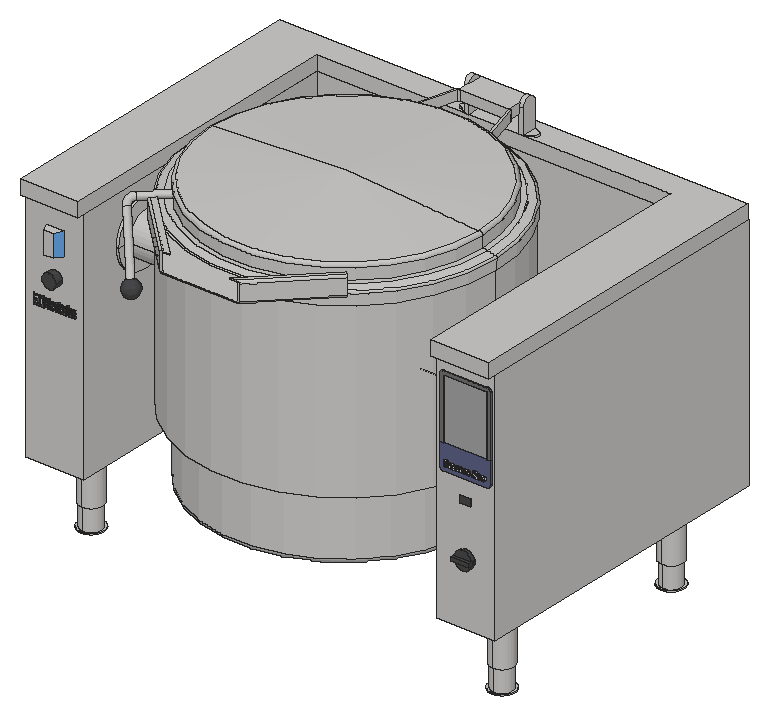
Revit family "QF_ELECTROLUXPROFESSIONAL_587104_PBOT15ECIO", category Attrezzature speciali, Revit 2020
Family settings
  Quota connettore circolare = Usa diametro
  Tipo di parte = Normale
  Basato su piano di lavoro = No
  Sempre verticale = Sì
  Taglio con vuoti quando caricato = No
  Condiviso = No
  Punto di calcolo locali = No
Parameters (values of type "Standard")
  Weight = 260.00 kg
  Watts = 24200 W
  Volts = 440 V
  URL Manufacturer = "https://www.electroluxprofessional.com/"
  URL = "https://www.electroluxprofessional.com/"
  Steam Supply Size = 0 mm
  Steam Supply Minimum Pressure = 0.0 Pa
  Steam Supply Maximum Pressure = 0.0 Pa
  Steam Consumption per Hour = 0
  Refrigeration Suction Line Size = 0.0 mm
  Refrigeration Liquid Line Size = 0.0 mm
  Refrigerant Compressor Remote = yes
  Prospetto di default = 0.0 mm
  Produttore = "Electrolux Professional"
  Phase = 3
  Modello = "PBOT15ECIO"
  Length Actual = 1300.0 mm  # constant formula
  Item Number = "587104"
  Hot Water Size = 12.7 mm
  Height Actual = 700.0 mm  # constant formula
  HP = "32.5 HP"
  Gas Size = 0 mm
  Gas KW = 0
  Gas Input Pressure = 0 W
  Direct Waste Size = 0 mm
  Descrizione = "ELECTRIC BOILING PAN,TILTING,150L,440V,FS,MARINE"
  Depth Actual = 900.0 mm  # constant formula
  Cycle = 50 Hz
  Condensate Return Size = 0 mm
  Compressed Air Volume = 0.0 L/s
  Compressed Air Size = 0 mm
  Compressed Air Pressure = 0.0 Pa
  Cold Water Size = 12.7 mm
  Accessory = yes
Reference planes
  plane 1 "Center (Front/Back)": y = 0
  plane 2: z = 0
  plane 3 "Center (Left/Right)": x = 0
  plane 4 "LEFT": x = -650
  plane 5 "RIGHT": x = 650
  plane 6 "BACK": y = 450
  plane 7 "FRONT": y = -450
  plane 8 "Base": z = 200
  plane 9 "TOP": z = 900
  plane 10: x = -490
  plane 11: x = 490
  plane 12 "Axe_PentolaY": y = -230
  plane 13 "AxePentolaZ": z = 730
  plane 14 "PLANE_TOP": z = 860
  plane 15: y = 380
  plane 16: x = -414.5
  plane 17 "PentolaH1": z = 910
  plane 18 "PentolaH2": z = 430
  plane 19 "Pentola_H3": z = 220
  plane 20: x = -378.5
  plane 21: y = -640
  plane 22 "CentroPentolaY": y = -133
  plane 23 "TopCoperchio": z = 1011
  plane 24 "Versamento": z = 940
  plane 25 "V1": through (-184.414, -566.187, 4000) normal (-0.7071, -0.7071, 0)
  plane 26 "V2": through (96.404, -654.197, 4000) normal (-0.7071, 0.7071, 0)
  plane 27 "Gfront": y = -1450
  plane 28 "LEVEL": through (-363.841, -304.214, 4000) normal (0.7071, 0.7071, 0)
  plane 29 "GRight": x = 250
  plane 30 "GLeft": x = -250
  plane 31: z = 1845
  plane 32 "Ribaltamento": y = -715
  plane 33: x = -570
  plane 34: x = 570
  plane 35 "AttaccoManiglia": z = 970
  plane 36 "GBack": y = -250
Forms (mm)
  Revolve 1, solid, material "QF_Finishes_Stainless Steel"
    sketch origin (0, 0, 730) x (-1, 0, 0) y (0, -1, 0)
      loop
        line (490, 230) -> (-490, 230) -> (-490, 140) -> (-480, 140) -> (-480, 173) -> (480, 173) -> (480, 140) -> (490, 140) -> (490, 230)
      axis (490, 230) -> (-490, 230)
    angle from 0 to 360
  Extrusion 2, solid, material "QF_Finishes_Stainless Steel"
    sketch origin (0, 0, 860) x (-1, 0, 0) y (0, -1, 0)
      loop
        line (650, 450) -> (490, 450) -> (490, -380) -> (-490, -380) -> (-490, 450) -> (-650, 450) -> (-650, -450) -> (650, -450) -> (650, 450)
    from 0 to 40
  Extrusion 3, solid, material "QF_Finishes_Stainless Steel"
    sketch origin (0, 0, 860) x (-1, 0, 0) y (0, -1, 0)
      loop
        line (490, -380) -> (-490, -380) -> (-490, -450) -> (490, -450) -> (490, -380)
    from 0 to -360
  Revolve 4, solid, material "QF_Finishes_Stainless Steel"
    sketch origin (0, -133, 0) x (-1, 0, 0) y (0, 0, 1)
      loop
        line (0, 910) -> (0, 220)
        arc (0, 220) -> (184.45, 226.112) -> (368.088, 244.449) r 2780.07
        arc (368.088, 244.449) -> (375.529, 248.439) -> (378.5, 256.343) r 12
        line (378.5, 256.343) -> (378.5, 430) -> (414.5, 430) -> (414.5, 910) -> (0, 910)
      axis (0, 910) -> (0, 220)
    angle from 0 to 360
  Revolve 5, solid, material "QF_Finishes_Stainless Steel"
    sketch origin (0, -133, 0) x (-1, 0, 0) y (0, 0, 1)
      loop
        line (419.5, 910) -> (419.5, 938.417)
        arc (419.5, 938.417) -> (418.283, 942.04) -> (415.126, 944.193) r 6
        line (415.126, 944.193) -> (394.5, 950) -> (378.5, 950) -> (378.5, 981.04)
        arc (378.5, 981.04) -> (375.943, 987.718) -> (369.58, 990.981) r 10
        arc (369.58, 990.981) -> (185.061, 1005.992) -> (0, 1011) r 3421.506
        line (0, 1011) -> (0, 910) -> (419.5, 910)
      axis (0, 1011) -> (0, 910)
    angle from 0 to 360
  Extrusion 6, solid, material "QF_Finishes_Stainless Steel"
    sketch origin (0, 0, 940) x (-1, 0, 0) y (0, -1, 0)
      loop
        line (102.116, 640) -> (-102.116, 640) -> (-271.533, 470.582) -> (-261.763, 460.812)
        arc (-261.763, 460.812) -> (0, 552.5) -> (261.763, 460.812) r 419.5
        line (261.763, 460.812) -> (271.533, 470.582) -> (102.116, 640)
    from 0 to 3
  Sweep 7, solid, material "QF_Finishes_Stainless Steel"
    path origin (0, 0, 940) x (-1, 0, 0) y (0, -1, 0)
      loop
        line (95.464, 655.137) -> (275.776, 474.825)
    profile origin (-185.62, -564.981, 940) x (-0.707107, -0.707107, 0) y (0, 0, 1)
      loop
        arc (-6, 0) -> (-1.757, 1.757) -> (0, 6) r 6
        line (0, 6) -> (0, 50)
        arc (0, 50) -> (-1.757, 54.243) -> (-6, 56) r 6
        line (-6, 56) -> (-19, 56) -> (-19, 53) -> (-6, 53)
        arc (-6, 53) -> (-3.879, 52.121) -> (-3, 50) r 3
        line (-3, 50) -> (-3, 6)
        arc (-3, 6) -> (-3.879, 3.879) -> (-6, 3) r 3
        line (-6, 3) -> (-19, 3) -> (-19, 0) -> (-6, 0)
  Sweep 8, solid, material "QF_Finishes_Stainless Steel"
    path origin (0, 0, 940) x (-1, 0, 0) y (0, -1, 0)
      loop
        line (-94.349, 656.252) -> (-275.776, 474.825)
    profile origin (185.063, -565.538, 940) x (-0.707107, 0.707107, 0) y (0, 0, 1)
      loop
        arc (0, 6) -> (1.757, 1.757) -> (6, 0) r 6
        line (6, 0) -> (19, 0) -> (19, 3) -> (6, 3)
        arc (6, 3) -> (3.879, 3.879) -> (3, 6) r 3
        line (3, 6) -> (3, 50)
        arc (3, 50) -> (3.879, 52.121) -> (6, 53) r 3
        line (6, 53) -> (19, 53) -> (19, 56) -> (6, 56)
        arc (6, 56) -> (1.757, 54.243) -> (0, 50) r 6
        line (0, 50) -> (0, 6)
  Extrusion 9, solid, material "QF_Finishes_Stainless Steel"
    sketch origin (0, 0, 0) x (0, 1, 0) y (0, 0, 1)
      loop
        line (420, 900) -> (420, 968.813)
        arc (420, 968.813) -> (400, 988.813) -> (380, 968.813) r 20
        line (380, 968.813) -> (380, 900) -> (420, 900)
    from -70 to -82
  Extrusion 10, solid, material "QF_Finishes_Stainless Steel"
    sketch origin (0, 0, 900) x (0, 1, 0) y (-1, 0, 0)
      loop
        arc (341.132, 72.4) -> (343.874, 70.425) -> (344.734, 67.158) r 5
        line (344.734, 67.158) -> (344.734, -67.158)
        arc (344.734, -67.158) -> (343.874, -70.425) -> (341.132, -72.4) r 5
        line (341.132, -72.4) -> (231.01, -103.724) -> (229.26, -109.68) -> (342.51, -77.206)
        arc (342.51, -77.206) -> (346.951, -74.535) -> (349.459, -70) r 10
        line (349.459, -70) -> (420, -70) -> (420, 70) -> (349.459, 70)
        arc (349.459, 70) -> (346.951, 74.535) -> (342.51, 77.206) r 10
        line (342.51, 77.206) -> (229.346, 109.396) -> (231.01, 103.724) -> (341.132, 72.4)
    from 50 to 77.177
  Extrusion 11, solid, material "QF_Finishes_Stainless Steel"
    sketch origin (0, 0, 0) x (0, 1, 0) y (0, 0, 1)
      loop
        line (420, 900) -> (420, 968.813)
        arc (420, 968.813) -> (400, 988.813) -> (380, 968.813) r 20
        line (380, 968.813) -> (380, 900) -> (420, 900)
    from 70 to 82
  Extrusion 12, solid, material "QF_Finishes_Stainless Steel"
    sketch origin (0, 0, 900) x (0, 1, 0) y (-1, 0, 0)
      loop
        arc (391.973, -103.927) -> (400, -108.689) -> (408.027, -103.927) r 9.146
        line (408.027, -103.927) -> (420, -82) -> (380, -82) -> (391.973, -103.927)
      loop
        line (391.973, 103.927) -> (380, 82) -> (420, 82) -> (408.027, 103.927)
        arc (408.027, 103.927) -> (400, 108.689) -> (391.973, 103.927) r 9.146
    from 0 to 3
  Extrusion 13, solid, material "QF_Door-Drawer Clearances", detail levels coarse
    sketch origin (0, 0, 0) x (0, 1, 0) y (0, 0, 1)
      loop
        line (-640, 946) -> (-640, 996)
        arc (-640, 996) -> (-711.263, 644.885) -> (-547.5, 326.229) r 541.018
        line (-547.5, 326.229) -> (-547.5, 910) -> (-552.5, 910) -> (-552.5, 940) -> (-635.757, 940)
        spline (-635.757, 940) -> (-636.311, 940.051) -> (-636.855, 940.204) -> (-637.381, 940.457) -> (-637.879, 940.804) -> (-638.34, 941.24) -> (-638.757, 941.757) -> (-639.123, 942.347) -> (-639.432, 943) -> (-639.677, 943.704) -> (-639.855, 944.447) -> (-639.964, 945.217) -> (-640, 946)
    from -100 to 100
  Extrusion 14, void
    sketch origin (0, 0, 940) x (-1, 0, 0) y (0, -1, 0)
      loop
        line (110.601, 640) -> (110.601, 657.601) -> (-110.601, 657.601) -> (-110.601, 640) -> (110.601, 640)
    from 0 to 71
  Extrusion 15, solid, material "QF_Door-Drawer Clearances", detail levels coarse
    sketch origin (0, 0, 0) x (0, 1, 0) y (0, 0, 1)
      loop
        line (420, 968.813) -> (420, 988.813) -> (369.196, 1192.575)
        arc (369.196, 1192.575) -> (324.911, 1429.101) -> (245, 1656.082) r 1570.008
        line (245, 1656.082) -> (194.38, 1845)
        arc (194.38, 1845) -> (-395.616, 1600.616) -> (-640, 1010.62) r 834.38
        line (-640, 1010.62) -> (-640, 996.062) -> (-400, 996.062)
        arc (-400, 996.062) -> (-132.5, 1011) -> (135, 996.062) r 2402.625
        line (135, 996.062) -> (245, 996.062) -> (245, 954.644) -> (380, 954.644) -> (380, 968.813)
        arc (380, 968.813) -> (400, 988.813) -> (420, 968.813) r 20
    from -100 to 100
Cuts and joins
  Extrusion 14 cuts Extrusion 6
  Extrusion 14 cuts Sweep 7
  Extrusion 14 cuts Sweep 8
  joined: Extrusion 6, Sweep 7, Sweep 8
  Extrusion 14 cuts Extrusion 13
Lines and regions (mm)
  symbolic lines
    curve 1: line (650, 450, 900) -> (-650, 450, 900)
    curve 2: line (650, -450, 900) -> (650, 450, 900)
    curve 3: line (-650, 450, 900) -> (-650, -450, 900)
    curve 4: line (-650, -450, 900) -> (-490, -450, 900)
    curve 5: line (-490, -450, 900) -> (-490, 380, 900)
    curve 6: line (490, 380, 900) -> (490, -450, 900)
    curve 7: line (490, -450, 900) -> (650, -450, 900)
    curve 8: line (-480, -140, 900) -> (-480, -320, 900)
    curve 9: line (-480, -140, 900) -> (-490, -140, 900)
    curve 10: line (-480, -320, 900) -> (-490, -320, 900)
    curve 11: line (480, -140, 900) -> (490, -140, 900)
    curve 12: line (480, -320, 900) -> (490, -320, 900)
    curve 13: line (-70, 349.459, 900) -> (-70, 420, 900)
    curve 14: line (-82, 420, 900) -> (82, 420, 900)
    curve 15: line (70, 420, 900) -> (70, 349.459, 900)
    curve 16: line (-66.757, 345, 900) -> (66.757, 345, 900)
    curve 17: line (-110.601, -640, 900) -> (-275.776, -474.825, 900)
    curve 18: line (-275.776, -474.825, 900) -> (-249.31, -448.359, 900)
    curve 19: line (-262.341, -461.39, 900) -> (-97.166, -626.565, 900)
    curve 20: line (97.166, -626.565, 900) -> (262.341, -461.39, 900)
    curve 21: line (249.31, -448.359, 900) -> (275.776, -474.825, 900)
    curve 22: line (275.776, -474.825, 900) -> (110.601, -640, 900)
    curve 23: line (-103.927, 391.973, 900) -> (-82, 380, 900)
    curve 24: arc (-103.927, 408.027, 900) -> (-108.689, 400, 900) -> (-103.927, 391.973, 900) r 9.146
    curve 25: line (-82, 420, 900) -> (-103.927, 408.027, 900)
    curve 26: line (-82, 420, 900) -> (-82, 380, 900)
    curve 27: line (82, 380, 900) -> (82, 420, 900)
    curve 28: line (103.927, 408.027, 900) -> (82, 420, 900)
    curve 29: arc (103.927, 391.973, 900) -> (108.689, 400, 900) -> (103.927, 408.027, 900) r 9.146
    curve 30: line (82, 380, 900) -> (103.927, 391.973, 900)
    curve 35: line (-490, 380, 900) -> (-70, 380, 900)
    curve 36: line (490, 380, 900) -> (70, 380, 900)
    curve 37: line (-480, -173, 900) -> (-414.188, -173, 900)
    curve 38: line (-480, -287, 900) -> (-389.822, -287, 900)
    curve 39: line (480, -172.761, 900) -> (416.676, -172.761, 900)
    curve 59: line (480, -287, 900) -> (389.209, -287, 900)
    curve 71: line (480, -320, 940) -> (480, -140, 940)
    curve 72: circle (0, -133, 940) r 378.5 normal (0, 0, 1)
    curve 73: circle (0, -133, 940) r 355.51 normal (0, 0, -1)
    curve 74: arc (-296.381, -428.564, 940) -> (302.734, 156.053, 940) -> (-308.944, -415.406, 940) r 418.569
  symbolic lines, style "SpecialityEquipmentHiddenLines"
    curve 31: line (-250, -1450, 900) -> (250, -1450, 900)
    curve 32: line (-250, -250, 900) -> (-250, -1450, 900)
    curve 33: line (250, -1450, 900) -> (250, -250, 900)
    curve 56: line (0, -1315.484, 900) -> (0, -1285.484, 900)
    curve 57: line (-15, -1300.484, 900) -> (15, -1300.484, 900)
    curve 60: arc (-72.4, 341.132, 940) -> (-70.425, 343.874, 940) -> (-67.158, 344.734, 940) r 5
    curve 61: arc (-70, 349.459, 940) -> (-74.535, 346.951, 940) -> (-77.206, 342.51, 940) r 10
    curve 62: arc (77.206, 342.51, 940) -> (74.535, 346.951, 940) -> (70, 349.459, 940) r 10
    curve 63: arc (67.158, 344.734, 940) -> (70.425, 343.874, 940) -> (72.4, 341.132, 940) r 5
    curve 68: line (-97.166, -626.565, 940) -> (-110.601, -640, 940)
    curve 69: line (97.166, -626.565, 940) -> (110.601, -640, 940)
    curve 70: line (250, -250, 940) -> (-250, -250, 940)
  symbolic lines, style "SpecialityEquipment"
    curve 34: circle (0, -1300.484, 900) r 15 normal (0, 0, 1)
    curve 40: line (210, -1450, 900) -> (210, -1250, 900)
    curve 41: line (170, -1450, 900) -> (170, -1290, 900)
    curve 42: line (130, -1450, 900) -> (130, -1330, 900)
    curve 43: line (90, -1450, 900) -> (90, -1370, 900)
    curve 44: line (90, -1410, 900) -> (250, -1410, 900)
    curve 45: line (130, -1370, 900) -> (250, -1370, 900)
    curve 46: line (170, -1330, 900) -> (250, -1330, 900)
    curve 47: line (210, -1290, 900) -> (250, -1290, 900)
    curve 48: line (-210, -1450, 900) -> (-210, -1250, 900)
    curve 49: line (-170, -1450, 900) -> (-170, -1290, 900)
    curve 50: line (-130, -1450, 900) -> (-130, -1330, 900)
    curve 51: line (-90, -1450, 900) -> (-90, -1370, 900)
    curve 52: line (-90, -1410, 900) -> (-250, -1410, 900)
    curve 53: line (-130, -1370, 900) -> (-250, -1370, 900)
    curve 54: line (-170, -1330, 900) -> (-250, -1330, 900)
    curve 55: line (-210, -1290, 900) -> (-250, -1290, 900)
    curve 58: line (-110.601, -640, 900) -> (110.601, -640, 900)
    curve 64: line (72.4, 341.132, 940) -> (103.999, 230.932, 940)
    curve 65: line (109.68, 229.26, 940) -> (77.206, 342.51, 940)
    curve 66: line (-103.724, 231.01, 940) -> (-72.4, 341.132, 940)
    curve 67: line (-77.206, 342.51, 940) -> (-109.68, 229.26, 940)
Dimensions and locks
  plane 4 "LEFT" to plane 5 "RIGHT" = 1300.0 mm
  equal spacing: plane 4 "LEFT", plane 3 "Center (Left/Right)", plane 5 "RIGHT"
  equal spacing: plane 6 "BACK", plane 1 "Center (Front/Back)", plane 7 "FRONT"
  plane 6 "BACK" to plane 7 "FRONT" = 900.0 mm
  plane 8 "Base" to level = 200.0 mm
  plane 9 "TOP" to level = 900.0 mm
  plane 9 "TOP" to plane 8 "Base" = 700.0 mm
  locked: plane 4 "LEFT" to plane 10 at 160
  locked: plane 11 to plane 5 "RIGHT" at 160
  locked: plane 6 "BACK" to plane 12 "Axe_PentolaY" at 680
  locked: plane 13 "AxePentolaZ" to plane 8 "Base" at 530
  locked: Revolve 1 sketch curve to Revolve 1 sketch curve at 57
  locked: Revolve 1 sketch curve to Revolve 1 sketch curve at 90
  locked: plane 10 to Revolve 1 sketch curve at 10
  locked: Revolve 1 sketch curve to plane 11 at 10
  locked: plane 9 "TOP" to plane 14 "PLANE_TOP" at 40
  plane 6 "BACK" to plane 15 = 70.0 mm
  locked: plane 17 "PentolaH1" to plane 13 "AxePentolaZ" at 180
  locked: plane 13 "AxePentolaZ" to plane 18 "PentolaH2" at 300
  locked: plane 18 "PentolaH2" to plane 19 "Pentola_H3" at 210
  locked: plane 3 "Center (Left/Right)" to plane 16 at 414.5
  locked: plane 3 "Center (Left/Right)" to plane 20 at 378.5
  Revolve 5 sketch curve to plane 17 "PentolaH1" = 40.0 mm
  locked: plane 16 to Revolve 5 sketch curve at 5
  plane 6 "BACK" to plane 21 = 1090.0 mm
  locked: plane 6 "BACK" to plane 22 "CentroPentolaY" at 583
  locked: plane 23 "TopCoperchio" to plane 9 "TOP" at 111
  locked: plane 24 "Versamento" to level at 940
  plane 6 "BACK" to plane 27 "Gfront" = 1900.0 mm
  locked: plane 30 "GLeft" to plane 3 "Center (Left/Right)" at 250
  locked: plane 3 "Center (Left/Right)" to plane 29 "GRight" at 250
  plane 31 to plane 9 "TOP" = 945.0 mm
  plane 6 "BACK" to plane 32 "Ribaltamento" = 1165.0 mm
  equal spacing: plane 10, plane 33, plane 4 "LEFT"
  equal spacing: plane 5 "RIGHT", plane 34, plane 11
  locked: plane 35 "AttaccoManiglia" to level at 970
  plane 6 "BACK" to plane 36 "GBack" = 700.0 mm
  aligned and locked: level to plane 2
  aligned and locked: plane 5 "RIGHT" to nested 2
  aligned and locked: plane 4 "LEFT" to nested 1
  aligned and locked: plane 8 "Base" to nested 1
  aligned and locked: plane 8 "Base" to nested 2
  aligned and locked: plane 6 "BACK" to nested 2
  aligned and locked: plane 6 "BACK" to nested 1
  aligned and locked: plane 10 to Revolve 1 sketch curve
  aligned and locked: plane 11 to Revolve 1 sketch curve
  aligned and locked: plane 4 "LEFT" to Extrusion 2 sketch curve
  aligned and locked: Extrusion 2 sketch curve to plane 10
  aligned and locked: plane 7 "FRONT" to Extrusion 2 sketch curve  (x2)
  aligned and locked: Extrusion 2 sketch curve to plane 5 "RIGHT"
  aligned and locked: plane 11 to Extrusion 2 sketch curve
  aligned and locked: Extrusion 2 sketch curve to plane 6 "BACK"
  aligned and locked: plane 15 to Extrusion 2 sketch curve
  aligned and locked: Extrusion 3 sketch curve to plane 10
  aligned and locked: plane 6 "BACK" to Extrusion 3 sketch curve
  aligned and locked: plane 11 to Extrusion 3 sketch curve
  aligned and locked: Extrusion 3 sketch curve to plane 15
  aligned and locked: plane 3 "Center (Left/Right)" to Revolve 4 sketch curve
  aligned and locked: Revolve 4 sketch curve to plane 20
  aligned and locked: Revolve 4 sketch curve to plane 18 "PentolaH2"
  aligned and locked: Revolve 4 sketch curve to plane 16
  aligned and locked: plane 17 "PentolaH1" to Revolve 4 sketch curve
  aligned and locked: Revolve 5 sketch curve to plane 17 "PentolaH1"
  aligned and locked: Extrusion 9 sketch curve to plane 15
  aligned and locked: Extrusion 9 sketch curve to Extrusion 2
  aligned and locked: curve 31 to plane 27 "Gfront"
  aligned and locked: curve 32 to plane 30 "GLeft"
  aligned and locked: plane 29 "GRight" to curve 33
  aligned and locked: plane 33 to nested 3
  aligned and locked: plane 34 to nested 4
  aligned and locked: plane 36 "GBack" to curve 70
Automatic sketch dimensions
  Revolve 4 sketch curve to plane 3 "Center (Left/Right)" = 0.0 mm
  Revolve 4 sketch curve to plane 19 "Pentola_H3" = 0.0 mm
  Revolve 4 sketch curve to plane 3 "Center (Left/Right)" = 0.201 mm
  Revolve 4 sketch curve to Revolve 4 sketch curve = 12.0 mm
  plane 19 "Pentola_H3" to Revolve 4 sketch curve = 36.343 mm
  plane 31 to Revolve 4 sketch curve = 1155.07 mm
  level to Revolve 4 sketch curve = 60.0 mm
  plane 23 "TopCoperchio" to Revolve 4 sketch curve = 179.0 mm
  Extrusion 6 sketch curve to plane 21 = 0.0 mm
  Extrusion 6 sketch curve to plane 3 "Center (Left/Right)" = 0.0 mm
  Extrusion 6 sketch curve to plane 22 "CentroPentolaY" = 0.0 mm
  plane 3 "Center (Left/Right)" to Extrusion 6 sketch curve = 102.116 mm
  plane 29 "GRight" to Extrusion 6 sketch curve = 11.763 mm
  Extrusion 6 sketch curve to Extrusion 6 sketch curve = 9.771 mm  (x2)
  Extrusion 6 sketch curve to plane 3 "Center (Left/Right)" = 102.116 mm
  Extrusion 6 sketch curve to plane 30 "GLeft" = 11.763 mm
  Extrusion 6 sketch curve to plane 7 "FRONT" = 10.812 mm
  plane 25 "V1" to Sweep 7 sketch curve = 0.0 mm
  Sweep 7 sketch curve to plane 25 "V1" = 0.0 mm
  Sweep 7 sketch curve to plane 21 = 15.137 mm
  Sweep 7 sketch curve to plane 7 "FRONT" = 24.825 mm
  Sweep 7 sketch curve to Sweep 7 sketch curve = 0.0 mm  (x4)
  plane 24 "Versamento" to Sweep 7 sketch curve = 0.0 mm
  Sweep 7 sketch curve to profile plane = 0.0 mm
  profile plane to Sweep 7 sketch curve = 3.0 mm
  Sweep 7 sketch curve to Sweep 7 sketch curve = 3.0 mm  (x2)
  Sweep 7 sketch curve to Sweep 7 sketch curve = 13.0 mm  (x2)
  Sweep 7 sketch curve to Sweep 7 sketch curve = 44.0 mm
  Sweep 8 sketch curve to plane 26 "V2" = 0.0 mm  (x2)
  Sweep 8 sketch curve to plane 7 "FRONT" = 24.825 mm
  Sweep 8 sketch curve to plane 21 = 16.252 mm
  Sweep 8 sketch curve to Sweep 8 sketch curve = 0.0 mm  (x4)
  Sweep 8 sketch curve to profile plane = 0.0 mm
  plane 24 "Versamento" to Sweep 8 sketch curve = 0.0 mm
  Sweep 8 sketch curve to Sweep 8 sketch curve = 3.0 mm  (x2)
  Sweep 8 sketch curve to profile plane = 6.0 mm
  Sweep 8 sketch curve to Sweep 8 sketch curve = 13.0 mm  (x2)
  Sweep 8 sketch curve to Sweep 8 sketch curve = 44.0 mm
  Extrusion 9 sketch curve to plane 35 "AttaccoManiglia" = 1.187 mm
  Extrusion 9 sketch curve to Extrusion 9 sketch curve = 20.0 mm
  Extrusion 11 sketch curve to plane 9 "TOP" = 0.0 mm
  Extrusion 11 sketch curve to plane 15 = 0.0 mm
  Extrusion 11 sketch curve to plane 35 "AttaccoManiglia" = 1.187 mm
  Extrusion 11 sketch curve to Extrusion 11 sketch curve = 20.0 mm
  Extrusion 12 sketch curve to plane 15 = 0.0 mm  (x2)
  plane 15 to Extrusion 12 sketch curve = 11.973 mm  (x2)
  Extrusion 12 sketch curve to Extrusion 12 sketch curve = 8.027 mm  (x4)
  Extrusion 12 sketch curve to Extrusion 12 sketch curve = 11.973 mm  (x2)
  plane 3 "Center (Left/Right)" to Extrusion 12 sketch curve = 103.927 mm
  Extrusion 12 sketch curve to Extrusion 12 sketch curve = 4.383 mm  (x2)
  Extrusion 12 sketch curve to Extrusion 12 sketch curve = 21.927 mm
  Extrusion 12 sketch curve to plane 3 "Center (Left/Right)" = 82.0 mm
  Extrusion 12 sketch curve to Extrusion 12 sketch curve = 17.543 mm
  Extrusion 13 sketch curve to plane 21 = 0.0 mm
  Extrusion 13 sketch curve to plane 24 "Versamento" = 0.0 mm
  Extrusion 13 sketch curve to plane 17 "PentolaH1" = 0.0 mm
  plane 21 to Extrusion 13 sketch curve = 4.243 mm
  plane 21 to Extrusion 13 sketch curve = 87.5 mm
  Extrusion 13 sketch curve to Extrusion 13 sketch curve = 5.0 mm
  Extrusion 13 sketch curve to plane 13 "AxePentolaZ" = 11.099 mm
  Extrusion 13 sketch curve to plane 22 "CentroPentolaY" = 42.331 mm
  plane 8 "Base" to Extrusion 13 sketch curve = 126.229 mm
  plane 24 "Versamento" to Extrusion 13 sketch curve = 6.0 mm
  Extrusion 14 sketch curve to plane 21 = 0.0 mm
  Extrusion 14 sketch curve to plane 26 "V2" = 0.0 mm
  plane 25 "V1" to Extrusion 14 sketch curve = 0.0 mm
  Extrusion 14 sketch curve to Extrusion 14 sketch curve = 17.601 mm
  Extrusion 15 sketch curve to plane 21 = 0.0 mm
  Extrusion 15 sketch curve to plane 31 = 0.0 mm
  Extrusion 15 sketch curve to plane 15 = 0.0 mm
  plane 23 "TopCoperchio" to Extrusion 15 sketch curve = 11.753 mm
  plane 27 "Gfront" to Extrusion 15 sketch curve = 258.4 mm
  Extrusion 15 sketch curve to plane 23 "TopCoperchio" = 14.938 mm  (x2)
  plane 7 "FRONT" to Extrusion 15 sketch curve = 50.0 mm
  plane 22 "CentroPentolaY" to Extrusion 15 sketch curve = 0.5 mm
  Extrusion 15 sketch curve to plane 23 "TopCoperchio" = 0.38 mm
  Extrusion 15 sketch curve to Extrusion 15 sketch curve = 50.62 mm
  Extrusion 15 sketch curve to plane 15 = 135.0 mm
  Extrusion 15 sketch curve to plane 15 = 10.804 mm
  Extrusion 15 sketch curve to plane 35 "AttaccoManiglia" = 1.187 mm
  Extrusion 15 sketch curve to Extrusion 15 sketch curve = 20.0 mm
  Extrusion 15 sketch curve to Extrusion 15 sketch curve = 14.168 mm
  Extrusion 15 sketch curve to level = 1391.625 mm
  plane 35 "AttaccoManiglia" to Extrusion 15 sketch curve = 18.813 mm
  plane 23 "TopCoperchio" to Extrusion 15 sketch curve = 181.575 mm
  curve 56 to plane 3 "Center (Left/Right)" = 0.0 mm
  curve 34 to plane 3 "Center (Left/Right)" = 0.0 mm
  curve 58 to plane 21 = 0.0 mm
  curve 18 to plane 25 "V1" = 0.0 mm
  curve 21 to plane 26 "V2" = 0.0 mm
  curve 4 to plane 4 "LEFT" = 0.0 mm
  curve 4 to plane 7 "FRONT" = 0.0 mm
  curve 6 to plane 7 "FRONT" = 0.0 mm
  curve 12 to plane 11 = 0.0 mm
  curve 10 to plane 10 = 0.0 mm
  curve 33 to plane 36 "GBack" = 0.0 mm
  curve 32 to plane 36 "GBack" = 0.0 mm
  curve 26 to plane 15 = 0.0 mm
  curve 27 to plane 15 = 0.0 mm
  curve 2 to plane 5 "RIGHT" = 0.0 mm
  curve 2 to plane 6 "BACK" = 0.0 mm
  curve 22 to plane 26 "V2" = 0.0 mm
  plane 25 "V1" to curve 17 = 0.0 mm
  plane 27 "Gfront" to curve 34 = 149.516 mm
  curve 18 to plane 7 "FRONT" = 24.825 mm
  curve 21 to plane 7 "FRONT" = 24.825 mm
  plane 10 to curve 8 = 10.0 mm
  curve 8 to plane 36 "GBack" = 70.0 mm
  curve 8 to plane 22 "CentroPentolaY" = 7.0 mm
  plane 15 to curve 30 = 11.973 mm
  plane 15 to curve 23 = 11.973 mm
  curve 23 to curve 24 = 8.027 mm
  curve 30 to curve 29 = 8.027 mm
  curve 24 to curve 25 = 8.027 mm
  curve 29 to curve 28 = 8.027 mm
  curve 28 to curve 28 = 11.973 mm
  plane 3 "Center (Left/Right)" to curve 30 = 103.927 mm
  curve 28 to curve 29 = 4.383 mm
  curve 28 to curve 27 = 21.927 mm
  curve 25 to plane 3 "Center (Left/Right)" = 82.0 mm
  curve 14 to curve 24 = 17.543 mm
  curve 24 to curve 25 = 4.383 mm
  curve 31 to curve 44 = 40.0 mm
  curve 31 to curve 52 = 40.0 mm
  curve 44 to curve 45 = 40.0 mm
  curve 52 to curve 53 = 40.0 mm
  curve 43 to curve 45 = 0.0 mm
  curve 53 to curve 51 = 0.0 mm
  curve 45 to curve 46 = 40.0 mm
  curve 53 to curve 54 = 40.0 mm
  curve 42 to curve 46 = 0.0 mm
  curve 54 to curve 50 = 0.0 mm
  curve 56 to curve 34 = 15.0 mm
  curve 34 to curve 57 = 0.0 mm
  curve 54 to curve 55 = 40.0 mm
  curve 46 to curve 47 = 40.0 mm
  curve 41 to curve 47 = 0.0 mm
  curve 55 to curve 49 = 0.0 mm
  curve 47 to curve 40 = 40.0 mm
  curve 55 to curve 48 = 40.0 mm
  plane 21 to curve 20 = 13.435 mm
  plane 21 to curve 19 = 13.435 mm
  curve 20 to plane 7 "FRONT" = 11.39 mm
  curve 19 to plane 7 "FRONT" = 11.39 mm
  plane 30 "GLeft" to curve 18 = 0.69 mm
  curve 21 to plane 29 "GRight" = 0.69 mm
  curve 12 to plane 36 "GBack" = 70.0 mm
  curve 59 to plane 11 = 10.0 mm
  curve 12 to curve 59 = 33.0 mm
  curve 38 to plane 20 = 11.322 mm
  curve 38 to plane 36 "GBack" = 37.0 mm
  curve 39 to plane 11 = 10.0 mm
  curve 39 to plane 22 "CentroPentolaY" = 39.761 mm
  plane 16 to curve 37 = 0.312 mm
  curve 37 to plane 22 "CentroPentolaY" = 40.0 mm
  curve 11 to plane 22 "CentroPentolaY" = 7.0 mm
  curve 16 to plane 15 = 35.0 mm
  curve 16 to curve 13 = 4.459 mm
  curve 16 to curve 15 = 4.459 mm
  curve 11 to plane 11 = 10.0 mm
  curve 12 to plane 11 = 10.0 mm
  curve 39 to curve 39 = 63.324 mm
  curve 59 to curve 59 = 90.791 mm
  curve 40 to plane 29 "GRight" = 40.0 mm
  curve 47 to curve 41 = 40.0 mm
  curve 41 to curve 42 = 40.0 mm
  curve 42 to curve 43 = 40.0 mm
  curve 14 to curve 15 = 12.0 mm
  curve 15 to curve 16 = 3.243 mm
  curve 16 to curve 23 = 15.243 mm
  curve 13 to curve 14 = 12.0 mm
  curve 51 to plane 3 "Center (Left/Right)" = 90.0 mm
  curve 51 to curve 53 = 40.0 mm
  curve 50 to curve 49 = 40.0 mm
  curve 49 to curve 48 = 40.0 mm
  plane 12 "Axe_PentolaY" to Revolve 1 sketch curve = 0.0 mm
  Revolve 1 sketch curve to plane 12 "Axe_PentolaY" = 0.0 mm
  plane 5 "RIGHT" to Revolve 1 sketch curve = 432.098 mm
  Revolve 1 sketch curve to plane 4 "LEFT" = 580.148 mm
  Revolve 1 sketch curve to plane 22 "CentroPentolaY" = 7.0 mm
  Revolve 5 sketch curve to plane 3 "Center (Left/Right)" = 0.0 mm  (x2)
  plane 20 to Revolve 5 sketch curve = 0.0 mm
  Revolve 5 sketch curve to plane 23 "TopCoperchio" = 0.0 mm
  plane 35 "AttaccoManiglia" to Revolve 5 sketch curve = 11.04 mm
  Revolve 5 sketch curve to Revolve 5 sketch curve = 10.0 mm
  Revolve 5 sketch curve to plane 20 = 16.0 mm
  plane 16 to Revolve 5 sketch curve = 1.0 mm
  Revolve 5 sketch curve to plane 16 = 0.626 mm
  Revolve 5 sketch curve to level = 2410.506 mm
  Revolve 5 sketch curve to plane 24 "Versamento" = 1.583 mm
  Revolve 5 sketch curve to plane 18 "PentolaH2" = 95.0 mm
  plane 23 "TopCoperchio" to Revolve 5 sketch curve = 179.0 mm
  Extrusion 10 sketch curve to Extrusion 10 sketch curve = 0.0 mm  (x4)
  Extrusion 10 sketch curve to plane 15 = 150.74 mm
  Extrusion 10 sketch curve to Extrusion 10 sketch curve = 1.75 mm
  Extrusion 10 sketch curve to plane 15 = 40.247 mm  (x2)
  Extrusion 10 sketch curve to Extrusion 10 sketch curve = 1.378 mm  (x4)
  Extrusion 10 sketch curve to Extrusion 10 sketch curve = 4.981 mm
  Extrusion 10 sketch curve to Extrusion 10 sketch curve = 4.725 mm  (x2)
  Extrusion 10 sketch curve to plane 6 "BACK" = 30.0 mm
  plane 3 "Center (Left/Right)" to Extrusion 10 sketch curve = 109.68 mm
  Extrusion 10 sketch curve to Extrusion 10 sketch curve = 5.955 mm
  plane 3 "Center (Left/Right)" to Extrusion 10 sketch curve = 77.206 mm
  Extrusion 10 sketch curve to Extrusion 10 sketch curve = 4.806 mm
  Extrusion 10 sketch curve to Extrusion 10 sketch curve = 2.4 mm
  Extrusion 10 sketch curve to plane 3 "Center (Left/Right)" = 67.158 mm
  Extrusion 10 sketch curve to Extrusion 10 sketch curve = 0.436 mm
  Extrusion 10 sketch curve to plane 3 "Center (Left/Right)" = 70.0 mm
  Extrusion 10 sketch curve to Extrusion 10 sketch curve = 113.164 mm
  Extrusion 10 sketch curve to Extrusion 10 sketch curve = 1.664 mm
  Extrusion 10 sketch curve to plane 3 "Center (Left/Right)" = 103.724 mm
  Extrusion 10 sketch curve to Extrusion 10 sketch curve = 5.672 mm
  curve 60 to curve 61 = 0.0 mm  (x2)
  curve 62 to curve 63 = 0.0 mm  (x2)
  curve 72 to curve 73 = 0.0 mm  (x2)
  curve 72 to curve 74 = 0.0 mm
  curve 73 to curve 74 = 0.0 mm
  curve 70 to plane 29 "GRight" = 0.0 mm
  curve 69 to plane 21 = 0.0 mm
  curve 69 to plane 26 "V2" = 0.0 mm
  curve 72 to plane 3 "Center (Left/Right)" = 0.0 mm
  curve 68 to plane 21 = 0.0 mm
  plane 25 "V1" to curve 68 = 0.0 mm
  curve 70 to plane 30 "GLeft" = 0.0 mm
  curve 73 to plane 22 "CentroPentolaY" = 0.0 mm
  curve 65 to plane 15 = 37.49 mm
  plane 3 "Center (Left/Right)" to curve 65 = 77.206 mm
  curve 65 to curve 64 = 4.806 mm
  curve 63 to curve 62 = 4.806 mm
  curve 61 to plane 3 "Center (Left/Right)" = 67.593 mm
  curve 66 to plane 15 = 38.868 mm
  curve 60 to curve 66 = 4.806 mm
  curve 67 to plane 15 = 37.49 mm
  curve 60 to curve 67 = 4.806 mm
  curve 65 to curve 64 = 1.378 mm
  curve 60 to curve 61 = 1.378 mm
  curve 63 to curve 63 = 1.378 mm
  curve 71 to plane 11 = 10.0 mm
  plane 3 "Center (Left/Right)" to curve 65 = 109.68 mm
  curve 65 to curve 64 = 5.681 mm
  plane 21 to curve 69 = 13.435 mm
  curve 69 to curve 69 = 13.435 mm
  curve 63 to curve 62 = 2.4 mm
  curve 62 to curve 63 = 0.436 mm
  curve 60 to curve 60 = 0.436 mm
  curve 60 to curve 61 = 2.842 mm
  plane 21 to curve 68 = 13.435 mm
  curve 68 to curve 68 = 13.435 mm
  curve 66 to plane 3 "Center (Left/Right)" = 103.724 mm
  curve 66 to curve 67 = 5.955 mm
  plane 7 "FRONT" to curve 74 = 21.436 mm
  curve 74 to plane 30 "GLeft" = 46.381 mm
  curve 74 to curve 74 = 12.564 mm
  curve 64 to curve 65 = 1.672 mm
  curve 71 to plane 22 "CentroPentolaY" = 7.0 mm
  curve 71 to plane 36 "GBack" = 70.0 mm
  radius of curve 73 = 355.51 mm
Nested families
  nested 1: "QF_ELECTROLUXPROFESSIONAL_PBOT900_LEFT" at (-570, 0, 0), type "QF_ELECTROLUXPROFESSIONAL_PBOT900_LEFT"
    with Body Finish QF_Finishes_Stainless Steel
  nested 2: "QF_ELECTROLUXPROFESSIONAL_PBOT900_RIGHT" at (570, 0, 0), type "QF_ELECTROLUXPROFESSIONAL_PBOT900_RIGHT"
    with Body Finish QF_Finishes_Stainless Steel
  nested 3: "QF_ELECTROLUXPROFESSIONAL_2FEET_THL_120xH200" at (-570, 0, 0), type "QF_ELECTROLUXPROFESSIONAL_2FEET_THL_120xH200"
  nested 4: "QF_ELECTROLUXPROFESSIONAL_2FEET_THL_120xH200" at (570, 0, 0), type "QF_ELECTROLUXPROFESSIONAL_2FEET_THL_120xH200"
  nested 5: "QF_ELECTROLUXPROFESSIONAL_PBOT900_LEVEL1" at (-274.438, -393.617, 970) x (0.7071, 0.7071, 0) z (0, 0, 1), type "QF_ELECTROLUXPROFESSIONAL_PBOT900_LEVEL1"
Connectors
  piping at (-600, 453, 395), diameter 12.7, driven by "Hot Water Size"
    settings: on nested 1, index 1, connector inside diameter 609.6 mm, connector length 0.0 mm, flow factor 0, pipe flow 0.0 L/s, pressure drop 0.0 Pa, fitting loss kfactor 0, connector angle 0.00°, fixture units 0, engagement length 0.0 mm, angle of deflection 0.00°, flow configuration 1, flow direction 1, fitting loss method 0, system type 19, joint type 0, gender type 0, connector reference index -1, connector utility 0, adjustable connector no, is connector primary yes, connector description "Hot Water Inlet"
  piping at (-600, 453, 395), diameter 12.7, driven by "Cold Water Size"
    settings: on nested 1, index 2, connector inside diameter 609.6 mm, connector length 0.0 mm, flow factor 0, pipe flow 0.0 L/s, pressure drop 0.0 Pa, fitting loss kfactor 0, connector angle 0.00°, fixture units 0, engagement length 0.0 mm, angle of deflection 0.00°, flow configuration 1, flow direction 1, fitting loss method 0, system type 20, joint type 0, gender type 0, connector reference index -1, connector utility 0, adjustable connector no, is connector primary no, connector description "Cold Water Inlet"
  electrical at (570, 450, 450), driven by "Volts"
    settings: on nested 2, index 3, voltage 440 V, apparent load 0 VA, apparent load phase1 0 VA, apparent load phase2 0 VA, apparent load phase3 0 VA, power factor 1, load classification "Other", number of poles 1, system type 30, power factor state 1, is connector primary yes, connector utility no, sub classification motor no, connector description "Electrical Connection"
Definition of nested family "QF_ELECTROLUXPROFESSIONAL_PBOT900_LEFT"
  Parameters
    Width = 160.0 mm
    Right = Width / 2  # 80.0 mm
    Default Elevation = 0.0 mm
    Left = -Width / 2  # -80.0 mm
    Htop = 40.0 mm
    Height = 900.0 mm
    HW_CW_y = 312.0 mm
    HW_CW_Border = 50.0 mm
    HBase = 200.0 mm
    Depth = 900.0 mm
    BorderFront = 20.0 mm
    Body Finish [instance] = none
  Reference planes
    plane 1 "Center (Front/Back)": y = 0
    plane 2: z = 0
    plane 3 "Center (Left/Right)": x = 0
    plane 4 "LEFT": x = -80
    plane 5 "RIGHT": x = 80
    plane 6 "BACK": y = 450
    plane 7 "FRONT": y = -450
    plane 8 "TRAYSLIDER": y = -811.8
    plane 9 "Base": z = 200
    plane 10 "TOP": z = 900
    plane 11 "BorderFront": y = -430
    plane 12: z = 860
    plane 13 "HW_CW": y = 138
    plane 14: x = -30
    plane 15: x = 30
  Forms (mm)
    Extrusion 1, solid
      sketch origin (0, 0, 0) x (1, 0, 0) y (0, 1, 0)
        loop
          line (-80, 450) -> (-80, -430) -> (80, -430) -> (80, 450) -> (-80, 450)
      from 860 to 200
    Extrusion 2, solid
      sketch origin (-1.5, -430, 0) x (-1, 0, 0) y (0, 0, 1)
        loop
          circle (-1.5, 673.484) r 20
      from 0 to -20
    Extrusion 3, solid, material <- "Body Finish"
      sketch origin (0, 450, 0) x (-1, 0, 0) y (0, 0, 1)
        loop
          circle (30, 395) r 6.35
        loop
          circle (-30, 395) r 6.35
      from 3 to 0
    Blend 4, solid, material <- "Body Finish"
      base sketch origin (0, -430, -0.233) x (-1, 0, 0) y (0, 0, 1)
        loop
          line (23.5, 800.233) -> (-23.5, 800.233) -> (-23.5, 733.433) -> (23.5, 733.433) -> (23.5, 800.233)
      top sketch origin (0, -430, -0.233) x (-1, 0, 0) y (0, 0, 1)
        loop
          line (13.448, 797.45) -> (-13.448, 797.45) -> (-13.448, 736.216) -> (13.448, 736.216) -> (13.448, 797.45)
      from 0 to -20
    Extrusion 5, solid
      sketch origin (-12.54, -430, 23) x (-1, 0, 0) y (0, 0, 1)
        loop
          line (5.327, 593.058) -> (5.327, 590.846) -> (11.437, 590.846) -> (11.437, 587.616) -> (5.692, 587.616) -> (5.692, 585.398) -> (11.437, 585.398) -> (11.437, 583.444)
          arc (11.437, 583.444) -> (10.839, 582.088) -> (9.435, 581.614) r 1.838
          line (9.435, 581.614) -> (5.163, 581.614) -> (5.163, 579.403) -> (9.986, 579.403)
          arc (9.986, 579.403) -> (12.674, 580.517) -> (13.788, 583.205) r 3.802
          line (13.788, 583.205) -> (13.788, 593.058) -> (5.327, 593.058)
        loop
          line (3.492, 593.058) -> (1.141, 593.058) -> (1.141, 579.403) -> (3.492, 579.403) -> (3.492, 593.058)
        loop
          line (-47.588, 593.058) -> (-49.941, 593.058) -> (-49.941, 579.403) -> (-47.588, 579.403) -> (-47.588, 593.058)
        loop
          arc (-2.749, 583.764) -> (-3.194, 582.272) -> (-4.489, 581.409) r 2.29
          arc (-4.489, 581.409) -> (-6.614, 581.225) -> (-8.443, 582.322) r 3.458
          line (-8.443, 582.322) -> (-9.836, 580.928)
          arc (-9.836, 580.928) -> (-7.685, 579.48) -> (-5.119, 579.102) r 5.86
          arc (-5.119, 579.102) -> (-1.823, 580.467) -> (-0.457, 583.764) r 4.662
          arc (-0.457, 583.764) -> (-1.495, 587.706) -> (-5.131, 589.55) r 4.976
          arc (-5.131, 589.55) -> (-9.259, 588.004) -> (-10.466, 583.764) r 4.89
          line (-10.466, 583.764) -> (-2.749, 583.764)
        loop
          arc (-2.808, 585.417) -> (-3.843, 587.066) -> (-5.727, 587.557) r 2.64
          arc (-5.727, 587.557) -> (-7.36, 586.981) -> (-8.104, 585.417) r 2.256
          line (-8.104, 585.417) -> (-2.808, 585.417)
        loop
          arc (-19.634, 586.402) -> (-17.741, 587.437) -> (-15.609, 587.112) r 3.369
          arc (-15.609, 587.112) -> (-14.276, 585.699) -> (-14.118, 583.764) r 2.933
          arc (-14.118, 583.764) -> (-16.389, 581.316) -> (-19.559, 582.365) r 3.088
          line (-19.559, 582.365) -> (-21.028, 580.896)
          arc (-21.028, 580.896) -> (-14.811, 579.611) -> (-11.775, 585.186) r 5.33
          arc (-11.775, 585.186) -> (-13.576, 588.365) -> (-17.009, 589.62) r 5.293
          arc (-17.009, 589.62) -> (-19.259, 589.219) -> (-21.111, 587.878) r 5.117
          line (-21.111, 587.878) -> (-19.634, 586.402)
        loop
          line (-22.556, 593.058) -> (-24.908, 593.058) -> (-24.908, 589.279) -> (-27.044, 589.279) -> (-27.044, 587.143) -> (-24.908, 587.143) -> (-24.908, 583.764)
          arc (-24.908, 583.764) -> (-25.11, 582.682) -> (-25.866, 581.883) r 1.949
          arc (-25.866, 581.883) -> (-26.455, 581.649) -> (-27.088, 581.601) r 2.118
          line (-27.088, 581.601) -> (-27.088, 579.397)
          arc (-27.088, 579.397) -> (-24.962, 579.678) -> (-23.283, 581.013) r 4.018
          arc (-23.283, 581.013) -> (-22.759, 582.327) -> (-22.556, 583.727) r 6.031
          line (-22.556, 583.727) -> (-22.556, 593.058)
        loop
          line (-31.355, 584.595) -> (-31.355, 579.403) -> (-29.023, 579.403) -> (-29.023, 589.279) -> (-31.355, 589.279) -> (-31.355, 587.855)
          arc (-31.355, 587.855) -> (-32.932, 589.208) -> (-35.001, 589.403) r 3.432
          line (-35.001, 589.403) -> (-35.001, 587.143)
          arc (-35.001, 587.143) -> (-33.417, 587.175) -> (-32.009, 586.452) r 3.231
          arc (-32.009, 586.452) -> (-31.523, 585.579) -> (-31.355, 584.595) r 2.967
        loop
          circle (-40.752, 584.339) r 5.233
        loop
          circle (-40.752, 584.339) r 3.172
        loop
          line (-58.424, 583.516) -> (-58.424, 589.279) -> (-60.794, 589.279) -> (-60.794, 583.417)
          arc (-60.794, 583.417) -> (-59.481, 580.276) -> (-56.268, 579.153) r 4.181
          arc (-56.268, 579.153) -> (-53.09, 580.243) -> (-51.74, 583.32) r 4.181
          line (-51.74, 583.32) -> (-51.74, 589.279) -> (-54.111, 589.279) -> (-54.111, 583.516)
          arc (-54.111, 583.516) -> (-54.692, 581.919) -> (-56.268, 581.283) r 2.088
          arc (-56.268, 581.283) -> (-57.843, 581.919) -> (-58.424, 583.516) r 2.088
        loop
          line (-62.216, 589.279) -> (-64.76, 589.279) -> (-66.89, 586.347) -> (-69.053, 589.279) -> (-71.621, 589.279) -> (-68.238, 584.695) -> (-71.937, 579.4) -> (-69.425, 579.4) -> (-66.898, 582.879) -> (-64.408, 579.4) -> (-61.879, 579.4) -> (-65.631, 584.642) -> (-62.216, 589.279)
        loop
          arc (12.465, 573.743) -> (10.91, 572.325) -> (12.18, 570.647) r 1.561
          line (12.18, 570.647) -> (13.314, 570.647) -> (13.314, 569.021) -> (14.34, 569.021) -> (14.34, 573.743) -> (12.465, 573.743)
        loop
          line (12.224, 571.575) -> (13.314, 571.575) -> (13.314, 572.789) -> (12.224, 572.789)
          arc (12.224, 572.789) -> (11.836, 572.182) -> (12.224, 571.575) r 0.668
        loop
          arc (5.055, 573.743) -> (3.966, 573.299) -> (3.497, 572.221) r 1.559
          arc (3.497, 572.221) -> (3.646, 571.544) -> (4.091, 571.012) r 1.458
          line (4.091, 571.012) -> (3.163, 569.021) -> (4.265, 569.021) -> (4.944, 570.647) -> (5.937, 570.647) -> (5.937, 569.021) -> (6.963, 569.021) -> (6.963, 573.743) -> (5.055, 573.743)
        loop
          line (5.937, 572.789) -> (4.847, 572.789)
          arc (4.847, 572.789) -> (4.459, 572.182) -> (4.847, 571.575) r 0.668
          line (4.847, 571.575) -> (5.937, 571.575) -> (5.937, 572.789)
        loop
          circle (-2.866, 571.382) r 2.453
        loop
          circle (-2.866, 571.382) r 1.557
        loop
          line (-9.35, 573.743) -> (-12.299, 573.743) -> (-12.299, 572.725) -> (-10.352, 572.725) -> (-10.352, 571.729) -> (-12.129, 571.729) -> (-12.129, 570.671) -> (-10.352, 570.671) -> (-10.352, 569.021) -> (-9.35, 569.021) -> (-9.35, 573.743)
        loop
          line (-16.282, 573.743) -> (-19.27, 573.743) -> (-19.27, 572.851) -> (-17.252, 572.851) -> (-17.252, 571.921) -> (-19.139, 571.921) -> (-19.139, 571.029) -> (-17.252, 571.029)
          arc (-17.252, 571.029) -> (-17.355, 570.353) -> (-17.883, 569.916) r 0.961
          line (-17.883, 569.916) -> (-19.316, 569.916) -> (-19.316, 569.024) -> (-17.792, 569.024)
          arc (-17.792, 569.024) -> (-16.717, 569.474) -> (-16.282, 570.555) r 1.51
          line (-16.282, 570.555) -> (-16.282, 573.743)
        loop
          line (-33.381, 573.145) -> (-32.842, 572.436)
          arc (-32.842, 572.436) -> (-32.43, 572.802) -> (-31.895, 572.931) r 1.135
          arc (-31.895, 572.931) -> (-31.448, 572.574) -> (-31.757, 572.093) r 0.427
          arc (-31.757, 572.093) -> (-32.293, 571.892) -> (-32.815, 571.659) r 9.371
          arc (-32.815, 571.659) -> (-33.228, 571.39) -> (-33.551, 571.017) r 1.779
          arc (-33.551, 571.017) -> (-33.7, 570.209) -> (-33.41, 569.439) r 1.535
          arc (-33.41, 569.439) -> (-32.755, 569.091) -> (-32.028, 568.946) r 2.556
          arc (-32.028, 568.946) -> (-31.439, 569.005) -> (-30.895, 569.238) r 1.957
          arc (-30.895, 569.238) -> (-30.416, 569.671) -> (-30.118, 570.245) r 1.815
          line (-30.118, 570.245) -> (-30.944, 570.63)
          arc (-30.944, 570.63) -> (-31.179, 570.219) -> (-31.563, 569.943) r 1.118
          arc (-31.563, 569.943) -> (-32.007, 569.83) -> (-32.453, 569.935) r 0.963
          arc (-32.453, 569.935) -> (-32.693, 570.417) -> (-32.345, 570.828) r 0.489
          arc (-32.345, 570.828) -> (-31.793, 571.095) -> (-31.211, 571.289) r 4.78
          arc (-31.211, 571.289) -> (-30.52, 572.116) -> (-30.631, 573.188) r 1.385
          arc (-30.631, 573.188) -> (-31.232, 573.642) -> (-31.964, 573.821) r 1.872
          arc (-31.964, 573.821) -> (-32.756, 573.658) -> (-33.381, 573.145) r 1.69
        loop
          line (-37.714, 573.743) -> (-38.684, 573.743) -> (-38.684, 569.024) -> (-37.714, 569.024) -> (-37.714, 573.743)
        loop
          circle (-45.226, 571.384) r 1.468
        loop
          circle (-45.226, 571.384) r 2.451
        loop
          line (-51.736, 569.024) -> (-51.736, 573.743) -> (-52.679, 573.743) -> (-54.838, 570.686) -> (-54.838, 573.743) -> (-55.818, 573.743) -> (-55.818, 569.024) -> (-54.875, 569.024) -> (-52.716, 571.991) -> (-52.716, 569.024) -> (-51.736, 569.024)
        loop
          line (-60.71, 569.024) -> (-59.668, 569.024) -> (-61.514, 573.743) -> (-62.424, 573.743) -> (-64.417, 569.024) -> (-63.375, 569.024) -> (-62.915, 570.042) -> (-61.17, 570.042) -> (-60.71, 569.024)
        loop
          line (-62.48, 571.01) -> (-61.558, 571.01) -> (-62.012, 572.047) -> (-62.48, 571.01)
        loop
          line (-69.237, 569.916) -> (-71.051, 569.916) -> (-71.051, 569.024) -> (-68.266, 569.024) -> (-68.266, 573.743) -> (-69.237, 573.743) -> (-69.237, 569.916)
        loop
          line (-26.307, 573.145) -> (-25.768, 572.436)
          arc (-25.768, 572.436) -> (-25.356, 572.802) -> (-24.821, 572.931) r 1.135
          arc (-24.821, 572.931) -> (-24.373, 572.574) -> (-24.683, 572.093) r 0.427
          arc (-24.683, 572.093) -> (-25.218, 571.892) -> (-25.74, 571.659) r 9.371
          arc (-25.74, 571.659) -> (-26.153, 571.39) -> (-26.476, 571.017) r 1.779
          arc (-26.476, 571.017) -> (-26.625, 570.209) -> (-26.336, 569.439) r 1.535
          arc (-26.336, 569.439) -> (-25.681, 569.091) -> (-24.953, 568.946) r 2.556
          arc (-24.953, 568.946) -> (-24.365, 569.005) -> (-23.821, 569.238) r 1.957
          arc (-23.821, 569.238) -> (-23.341, 569.671) -> (-23.044, 570.245) r 1.815
          line (-23.044, 570.245) -> (-23.87, 570.63)
          arc (-23.87, 570.63) -> (-24.105, 570.219) -> (-24.488, 569.943) r 1.118
          arc (-24.488, 569.943) -> (-24.933, 569.83) -> (-25.379, 569.935) r 0.963
          arc (-25.379, 569.935) -> (-25.619, 570.417) -> (-25.27, 570.828) r 0.489
          arc (-25.27, 570.828) -> (-24.718, 571.095) -> (-24.137, 571.289) r 4.78
          arc (-24.137, 571.289) -> (-23.445, 572.116) -> (-23.556, 573.188) r 1.385
          arc (-23.556, 573.188) -> (-24.158, 573.642) -> (-24.889, 573.821) r 1.872
          arc (-24.889, 573.821) -> (-25.681, 573.658) -> (-26.307, 573.145) r 1.69
        loop
          arc (28.462, 593.245) -> (19.282, 580.828) -> (28.462, 568.412) r 12.987
          line (28.462, 568.412) -> (28.462, 593.245)
        loop
          line (29.418, 593.324) -> (29.418, 591.35)
          arc (29.418, 591.35) -> (32.835, 584.89) -> (39.417, 581.715) r 11.707
          line (39.417, 581.715) -> (45.017, 581.715)
          arc (45.017, 581.715) -> (39.886, 591.105) -> (29.418, 593.324) r 12.809
        loop
          line (29.725, 570.21) -> (29.725, 568.093)
          arc (29.725, 568.093) -> (40.061, 570.682) -> (45.028, 580.108) r 13.06
          line (45.028, 580.108) -> (40.92, 580.108)
          arc (40.92, 580.108) -> (33.58, 577.129) -> (29.725, 570.21) r 11.93
        loop
          line (45.971, 594.6) -> (18.333, 594.6) -> (18.333, 567) -> (45.971, 567) -> (45.971, 594.6)
      from -1.6 to 0
    Extrusion 6, solid
      sketch origin (0, 0, 200) x (0, 1, 0) y (-1, 0, 0)
        loop
          circle (138, 30) r 5
        loop
          circle (138, -30) r 5
      from 0 to -3
  Lines and regions (mm)
    symbolic lines
      curve 1: line (80, 450, 0) -> (-80, 450, 0)
      curve 2: line (-80, 450, 0) -> (-80, -430, 0)
  Dimensions and locks
    "Width": plane 4 "LEFT" to plane 5 "RIGHT"
    equal spacing: plane 4 "LEFT", plane 3 "Center (Left/Right)", plane 5 "RIGHT"
    equal spacing: plane 6 "BACK", plane 1 "Center (Front/Back)", plane 7 "FRONT"
    "Depth": plane 6 "BACK" to plane 7 "FRONT"
    "BorderFront": plane 11 "BorderFront" to plane 7 "FRONT"
    "Htop": plane 10 "TOP" to plane 12
    "Height": plane 10 "TOP" to level
    "HBase": plane 9 "Base" to level
    "HW_CW_y": plane 6 "BACK" to plane 13 "HW_CW"
    "HW_CW_Border": plane 4 "LEFT" to plane 14
    "HW_CW_Border": plane 15 to plane 5 "RIGHT"
    aligned and locked: level to plane 2
    aligned and locked: plane 11 "BorderFront" to Extrusion 1 sketch curve
    aligned and locked: plane 12 to Extrusion 1
    aligned and locked: Extrusion 1 to plane 9 "Base"
    aligned and locked: plane 4 "LEFT" to Extrusion 1 sketch curve
    aligned and locked: Extrusion 1 sketch curve to plane 5 "RIGHT"
    aligned and locked: Extrusion 1 sketch curve to plane 6 "BACK"
  Automatic sketch dimensions
    curve 2 to plane 4 "LEFT" = 0.0 mm
    curve 1 to plane 5 "RIGHT" = 0.0 mm
    curve 2 to plane 11 "BorderFront" = 0.0 mm
    curve 2 to plane 6 "BACK" = 0.0 mm
    Extrusion 2 sketch curve to plane 3 "Center (Left/Right)" = 0.0 mm
    Extrusion 2 sketch curve to plane 12 = 186.516 mm
    plane 3 "Center (Left/Right)" to Extrusion 3 sketch curve = 30.0 mm
    Extrusion 3 sketch curve to plane 3 "Center (Left/Right)" = 30.0 mm
    plane 9 "Base" to Extrusion 3 sketch curve = 195.0 mm
    Extrusion 3 sketch curve to Extrusion 3 sketch curve = 0.0 mm
    plane 3 "Center (Left/Right)" to Blend 4 sketch curve = 23.5 mm
    Blend 4 sketch curve to plane 3 "Center (Left/Right)" = 23.5 mm
    Blend 4 sketch curve to plane 12 = 126.8 mm
    Blend 4 sketch curve to plane 12 = 60.0 mm
    plane 3 "Center (Left/Right)" to Blend 4 sketch curve = 13.448 mm
    Blend 4 sketch curve to plane 3 "Center (Left/Right)" = 13.448 mm
    Blend 4 sketch curve to plane 12 = 124.017 mm
    Blend 4 sketch curve to Blend 4 sketch curve = 61.233 mm
    Extrusion 5 sketch curve to Extrusion 5 sketch curve = 0.0 mm  (x33)
    Extrusion 5 sketch curve to plane 10 "TOP" = 297.6 mm  (x2)
    Extrusion 5 sketch curve to plane 5 "RIGHT" = 20.603 mm
    Extrusion 5 sketch curve to plane 10 "TOP" = 287.721 mm  (x2)
    Extrusion 5 sketch curve to Extrusion 5 sketch curve = 0.317 mm
    Extrusion 5 sketch curve to Extrusion 5 sketch curve = 0.886 mm
    Extrusion 5 sketch curve to Extrusion 5 sketch curve = 2.512 mm
    Extrusion 5 sketch curve to Extrusion 5 sketch curve = 1.815 mm
    Extrusion 5 sketch curve to Extrusion 5 sketch curve = 2.567 mm
    Extrusion 5 sketch curve to Extrusion 5 sketch curve = 0.97 mm  (x3)
    Extrusion 5 sketch curve to plane 10 "TOP" = 292.305 mm
    Extrusion 5 sketch curve to Extrusion 5 sketch curve = 0.815 mm  (x2)
    Extrusion 5 sketch curve to plane 10 "TOP" = 294.121 mm
    Extrusion 5 sketch curve to Extrusion 5 sketch curve = 1.341 mm
    Extrusion 5 sketch curve to plane 10 "TOP" = 290.653 mm
    Extrusion 5 sketch curve to Extrusion 5 sketch curve = 1.348 mm
    Extrusion 5 sketch curve to plane 10 "TOP" = 292.358 mm
    Extrusion 5 sketch curve to Extrusion 5 sketch curve = 1.259 mm
    Extrusion 5 sketch curve to Extrusion 5 sketch curve = 2.13 mm
    Extrusion 5 sketch curve to Extrusion 5 sketch curve = 3.849 mm
    Extrusion 5 sketch curve to Extrusion 5 sketch curve = 2.49 mm
    Extrusion 5 sketch curve to plane 10 "TOP" = 307.976 mm  (x2)
    Extrusion 5 sketch curve to Extrusion 5 sketch curve = 1.043 mm
    Extrusion 5 sketch curve to plane 10 "TOP" = 306.958 mm
    Extrusion 5 sketch curve to Extrusion 5 sketch curve = 0.46 mm  (x2)
    Extrusion 5 sketch curve to plane 10 "TOP" = 305.99 mm
    Extrusion 5 sketch curve to Extrusion 5 sketch curve = 0.435 mm  (x3)
    Extrusion 5 sketch curve to plane 10 "TOP" = 303.257 mm  (x2)
    Extrusion 5 sketch curve to Extrusion 5 sketch curve = 0.055 mm  (x2)
    Extrusion 5 sketch curve to Extrusion 5 sketch curve = 2.544 mm
    Extrusion 5 sketch curve to plane 10 "TOP" = 304.953 mm
    Extrusion 5 sketch curve to Extrusion 5 sketch curve = 0.468 mm
    Extrusion 5 sketch curve to Extrusion 5 sketch curve = 2.528 mm
    Extrusion 5 sketch curve to Extrusion 5 sketch curve = 0.922 mm
    Extrusion 5 sketch curve to Extrusion 5 sketch curve = 0.91 mm
    Extrusion 5 sketch curve to Extrusion 5 sketch curve = 0.388 mm
    Extrusion 5 sketch curve to Extrusion 5 sketch curve = 1.422 mm
    Extrusion 5 sketch curve to Extrusion 5 sketch curve = 1.042 mm
    Extrusion 5 sketch curve to Extrusion 5 sketch curve = 2.371 mm
    Extrusion 5 sketch curve to Extrusion 5 sketch curve = 1.809 mm  (x2)
    Extrusion 5 sketch curve to Extrusion 5 sketch curve = 0.273 mm  (x2)
    Extrusion 5 sketch curve to Extrusion 5 sketch curve = 0.147 mm
    Extrusion 5 sketch curve to Extrusion 5 sketch curve = 5.696 mm
    Extrusion 5 sketch curve to Extrusion 5 sketch curve = 0.943 mm
    Extrusion 5 sketch curve to Extrusion 5 sketch curve = 0.037 mm  (x2)
    Extrusion 5 sketch curve to plane 10 "TOP" = 305.009 mm
    Extrusion 5 sketch curve to Extrusion 5 sketch curve = 2.122 mm
    Extrusion 5 sketch curve to Extrusion 5 sketch curve = 2.372 mm
    Extrusion 5 sketch curve to Extrusion 5 sketch curve = 0.944 mm
    Extrusion 5 sketch curve to Extrusion 5 sketch curve = 1.799 mm
    Extrusion 5 sketch curve to Extrusion 5 sketch curve = 2.353 mm
    Extrusion 5 sketch curve to Extrusion 5 sketch curve = 6.509 mm
    Extrusion 5 sketch curve to Extrusion 5 sketch curve = 6.836 mm
    Extrusion 5 sketch curve to Extrusion 5 sketch curve = 2.068 mm
    Extrusion 5 sketch curve to Extrusion 5 sketch curve = 5.751 mm
    Extrusion 5 sketch curve to Extrusion 5 sketch curve = 0.679 mm
    Extrusion 5 sketch curve to Extrusion 5 sketch curve = 0.728 mm
    Extrusion 5 sketch curve to Extrusion 5 sketch curve = 0.178 mm
    Extrusion 5 sketch curve to Extrusion 5 sketch curve = 4.332 mm
    Extrusion 5 sketch curve to plane 10 "TOP" = 304.564 mm  (x2)
    Extrusion 5 sketch curve to Extrusion 5 sketch curve = 0.539 mm  (x2)
    Extrusion 5 sketch curve to Extrusion 5 sketch curve = 0.634 mm  (x2)
    Extrusion 5 sketch curve to Extrusion 5 sketch curve = 0.036 mm  (x2)
    Extrusion 5 sketch curve to Extrusion 5 sketch curve = 0.114 mm  (x2)
    Extrusion 5 sketch curve to Extrusion 5 sketch curve = 0.807 mm  (x2)
    Extrusion 5 sketch curve to Extrusion 5 sketch curve = 0.007 mm  (x2)
    Extrusion 5 sketch curve to Extrusion 5 sketch curve = 0.156 mm  (x2)
    Extrusion 5 sketch curve to Extrusion 5 sketch curve = 0.005 mm  (x2)
    Extrusion 5 sketch curve to Extrusion 5 sketch curve = 0.083 mm  (x2)
    Extrusion 5 sketch curve to Extrusion 5 sketch curve = 0.13 mm  (x4)
    Extrusion 5 sketch curve to Extrusion 5 sketch curve = 0.009 mm  (x2)
    Extrusion 5 sketch curve to Extrusion 5 sketch curve = 0.159 mm  (x2)
    Extrusion 5 sketch curve to Extrusion 5 sketch curve = 0.075 mm  (x2)
    Extrusion 5 sketch curve to Extrusion 5 sketch curve = 0.025 mm  (x2)
    Extrusion 5 sketch curve to Extrusion 5 sketch curve = 2.918 mm
    Extrusion 5 sketch curve to Extrusion 5 sketch curve = 2.789 mm
    Extrusion 5 sketch curve to plane 10 "TOP" = 306.37 mm  (x2)
    Extrusion 5 sketch curve to Extrusion 5 sketch curve = 0.908 mm  (x2)
    Extrusion 5 sketch curve to plane 10 "TOP" = 306.755 mm  (x2)
    Extrusion 5 sketch curve to Extrusion 5 sketch curve = 0.826 mm  (x2)
    Extrusion 5 sketch curve to Extrusion 5 sketch curve = 0.126 mm  (x3)
    Extrusion 5 sketch curve to Extrusion 5 sketch curve = 2.333 mm
    Extrusion 5 sketch curve to Extrusion 5 sketch curve = 1.257 mm  (x2)
    Extrusion 5 sketch curve to Extrusion 5 sketch curve = 2.771 mm
